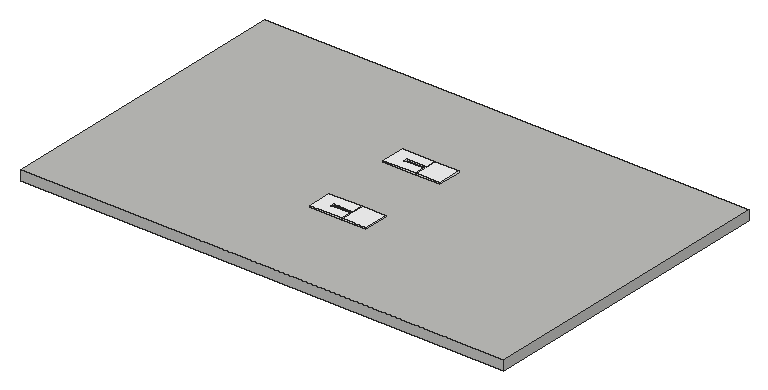
Revit family "Desk-Teknion-JNWDSN-Double_Sided_Rectangular-R2018", category Furniture, Revit 2018 (continued)
Dimensions and locks (in)
  aligned and locked: Extrusion 1 sketch curve to plane 5 "Right"
  aligned and locked: Extrusion 1 sketch curve to plane 7 "Front"
  aligned and locked: plane 8 "Top" to Extrusion 1
  aligned and locked: Extrusion 2 to plane 8 "Top"
  aligned and locked: Extrusion 4 to plane 8 "Top"
  aligned and locked: Extrusion 5 to plane 8 "Top"
  aligned and locked: Extrusion 3 to plane 8 "Top"
  aligned and locked: Extrusion 17 to plane 8 "Top"
  aligned and locked: Extrusion 14 to plane 8 "Top"
  aligned and locked: Extrusion 16 to plane 8 "Top"
  aligned and locked: Extrusion 20 to plane 10
  aligned and locked: Extrusion 21 to plane 10
  aligned and locked: Extrusion 18 to plane 10
  aligned and locked: Extrusion 19 to plane 10
  aligned and locked: Extrusion 24 to plane 10
  aligned and locked: Extrusion 25 to plane 10
  aligned and locked: Extrusion 22 to plane 10
  aligned and locked: Extrusion 23 to plane 10
  aligned and locked: Extrusion 26 to plane 9 "Void Cut Plane"
  aligned and locked: plane 11 to Extrusion 34
  aligned and locked: Extrusion 34 to plane 4 "Left"
  aligned and locked: plane 12 to Extrusion 35 sketch curve
  aligned and locked: Extrusion 35 sketch curve to plane 4 "Left"
  aligned and locked: plane 14 to Extrusion 36 sketch curve
  aligned and locked: Extrusion 36 sketch curve to plane 5 "Right"
  aligned and locked: Extrusion 38 sketch curve to plane 2
  aligned and locked: Extrusion 38 sketch curve to Extrusion 37
  aligned and locked: plane 2 to Extrusion 39 sketch curve
  aligned and locked: Extrusion 37 to Extrusion 39 sketch curve
  aligned and locked: plane 13 to Extrusion 38
  aligned and locked: plane 13 to Extrusion 39
  aligned and locked: Extrusion 39 to plane 5 "Right"
  aligned and locked: Extrusion 38 to plane 5 "Right"
  aligned and locked: plane 11 to Extrusion 40
  aligned and locked: plane 11 to Extrusion 41
  aligned and locked: Extrusion 41 to plane 4 "Left"
  aligned and locked: plane 4 "Left" to Extrusion 40
  aligned and locked: Extrusion 35 to plane 16
  aligned and locked: Extrusion 35 to plane 15
  aligned and locked: Extrusion 36 to plane 16
  aligned and locked: Extrusion 36 to plane 15
  aligned and locked: curve 1 to Extrusion 18
  aligned and locked: curve 2 to Extrusion 18
  aligned and locked: curve 3 to Extrusion 18
  aligned and locked: curve 4 to Extrusion 18
  aligned and locked: curve 5 to Extrusion 18
  aligned and locked: curve 6 to Extrusion 18
  aligned and locked: curve 7 to Extrusion 18
  aligned and locked: curve 8 to Extrusion 18
  aligned and locked: curve 9 to Extrusion 19
  aligned and locked: curve 10 to Extrusion 19
  aligned and locked: curve 11 to Extrusion 19
  aligned and locked: curve 12 to Extrusion 19
  aligned and locked: curve 13 to Extrusion 20
  aligned and locked: curve 14 to Extrusion 20
  aligned and locked: curve 15 to Extrusion 20
  aligned and locked: curve 16 to Extrusion 20
  aligned and locked: curve 17 to Extrusion 20
  aligned and locked: curve 18 to Extrusion 20
  aligned and locked: curve 19 to Extrusion 20
  aligned and locked: curve 20 to Extrusion 20
  aligned and locked: curve 21 to Extrusion 21
  aligned and locked: curve 22 to Extrusion 21
  aligned and locked: curve 23 to Extrusion 21
  aligned and locked: curve 24 to Extrusion 21
  aligned and locked: curve 25 to Extrusion 22
  aligned and locked: curve 26 to Extrusion 22
  aligned and locked: curve 27 to Extrusion 22
  aligned and locked: curve 28 to Extrusion 22
  aligned and locked: curve 29 to Extrusion 22
  aligned and locked: curve 30 to Extrusion 22
  aligned and locked: curve 31 to Extrusion 22
  aligned and locked: curve 32 to Extrusion 22
  aligned and locked: curve 33 to Extrusion 23
  aligned and locked: curve 34 to Extrusion 23
  aligned and locked: curve 35 to Extrusion 23
  aligned and locked: curve 36 to Extrusion 23
  aligned and locked: curve 37 to Extrusion 24
  aligned and locked: curve 38 to Extrusion 24
  aligned and locked: curve 39 to Extrusion 24
  aligned and locked: curve 40 to Extrusion 24
  aligned and locked: curve 41 to Extrusion 24
  aligned and locked: curve 42 to Extrusion 24
  aligned and locked: curve 43 to Extrusion 24
  aligned and locked: curve 44 to Extrusion 24
  aligned and locked: curve 45 to Extrusion 25
  aligned and locked: curve 46 to Extrusion 25
  aligned and locked: curve 47 to Extrusion 25
  aligned and locked: curve 48 to Extrusion 25
  aligned and locked: curve 49 to Extrusion 14
  aligned and locked: curve 50 to Extrusion 14
  aligned and locked: curve 51 to Extrusion 14
  aligned and locked: curve 52 to Extrusion 14
  aligned and locked: curve 53 to Extrusion 14
  aligned and locked: curve 54 to Extrusion 14
  aligned and locked: curve 55 to Extrusion 14
  aligned and locked: curve 56 to Extrusion 14
  aligned and locked: curve 57 to Extrusion 15
  aligned and locked: curve 58 to Extrusion 15
  aligned and locked: curve 59 to Extrusion 15
  aligned and locked: curve 60 to Extrusion 15
  aligned and locked: curve 61 to Extrusion 17
  aligned and locked: curve 62 to Extrusion 17
  aligned and locked: curve 63 to Extrusion 17
  aligned and locked: curve 64 to Extrusion 17
  aligned and locked: curve 65 to Extrusion 17
  aligned and locked: curve 66 to Extrusion 17
  aligned and locked: curve 67 to Extrusion 17
  aligned and locked: curve 68 to Extrusion 17
  aligned and locked: curve 69 to Extrusion 16
  aligned and locked: curve 70 to Extrusion 16
  aligned and locked: curve 71 to Extrusion 16
  aligned and locked: curve 72 to Extrusion 16
  aligned and locked: curve 73 to Extrusion 27
  aligned and locked: curve 74 to Extrusion 27
  aligned and locked: curve 75 to Extrusion 27
  aligned and locked: curve 76 to Extrusion 27
  aligned and locked: curve 77 to Extrusion 27
  aligned and locked: curve 78 to Extrusion 27
  aligned and locked: curve 79 to Extrusion 27
  aligned and locked: curve 80 to Extrusion 27
  aligned and locked: curve 81 to Extrusion 28
  aligned and locked: curve 82 to Extrusion 28
  aligned and locked: curve 83 to Extrusion 28
  aligned and locked: curve 84 to Extrusion 28
  aligned and locked: curve 85 to Extrusion 29
  aligned and locked: curve 86 to Extrusion 29
  aligned and locked: curve 87 to Extrusion 29
  aligned and locked: curve 88 to Extrusion 29
  aligned and locked: curve 89 to Extrusion 29
  aligned and locked: curve 90 to Extrusion 29
  aligned and locked: curve 91 to Extrusion 29
  aligned and locked: curve 92 to Extrusion 29
  aligned and locked: curve 93 to Extrusion 30
  aligned and locked: curve 94 to Extrusion 30
  aligned and locked: curve 95 to Extrusion 30
  aligned and locked: curve 96 to Extrusion 30
  aligned and locked: curve 97 to Extrusion 35
  aligned and locked: curve 98 to Extrusion 35
  aligned and locked: curve 99 to Extrusion 35
  aligned and locked: curve 100 to Extrusion 36
  aligned and locked: curve 101 to Extrusion 36
  aligned and locked: curve 102 to Extrusion 36
  aligned and locked: curve 103 to Extrusion 34
  aligned and locked: curve 104 to Extrusion 34
  aligned and locked: curve 105 to Extrusion 34
  aligned and locked: curve 106 to Extrusion 41
  aligned and locked: curve 107 to Extrusion 40
  aligned and locked: curve 108 to Extrusion 37
  aligned and locked: curve 109 to Extrusion 37
  aligned and locked: curve 110 to Extrusion 37
  aligned and locked: curve 111 to Extrusion 39
  aligned and locked: curve 112 to Extrusion 38
  aligned and locked: Masking region 1 sketch curve to cut or joined group of Extrusion 1, Extrusion 26, Extrusion 31, Extrusion 32, Extrusion 33  (x4)
  aligned and locked: curve 113 to Extrusion 7
  aligned and locked: curve 114 to Extrusion 7
  aligned and locked: curve 115 to Extrusion 7
  aligned and locked: curve 116 to Extrusion 7
  aligned and locked: curve 117 to Extrusion 6
  aligned and locked: curve 118 to Extrusion 6
  aligned and locked: curve 119 to Extrusion 6
  aligned and locked: curve 120 to Extrusion 6
  aligned and locked: curve 121 to Extrusion 6
  aligned and locked: curve 122 to Extrusion 6
  aligned and locked: curve 123 to Extrusion 9
  aligned and locked: curve 124 to Extrusion 9
  aligned and locked: curve 125 to Extrusion 9
  aligned and locked: curve 126 to Extrusion 9
  aligned and locked: curve 127 to Extrusion 8
  aligned and locked: curve 128 to Extrusion 8
  aligned and locked: curve 129 to Extrusion 8
  aligned and locked: curve 130 to Extrusion 8
  aligned and locked: curve 131 to Extrusion 8
  aligned and locked: curve 132 to Extrusion 8
  aligned and locked: curve 133 to Extrusion 11
  aligned and locked: curve 134 to Extrusion 11
  aligned and locked: curve 136 to Extrusion 11
  aligned and locked: curve 137 to Extrusion 10
  aligned and locked: curve 138 to Extrusion 10
  aligned and locked: curve 139 to Extrusion 10
  aligned and locked: curve 140 to Extrusion 10
  aligned and locked: curve 141 to Extrusion 10
  aligned and locked: curve 142 to Extrusion 10
  aligned and locked: curve 143 to Extrusion 12
  aligned and locked: curve 144 to Extrusion 13
  aligned and locked: curve 146 to Extrusion 13
  aligned and locked: curve 147 to Extrusion 13
  aligned and locked: curve 148 to Extrusion 12
  aligned and locked: curve 149 to Extrusion 12
  aligned and locked: curve 150 to Extrusion 12
  aligned and locked: curve 151 to Extrusion 12
  aligned and locked: curve 152 to Extrusion 12
  aligned and locked: curve 153 to Extrusion 3
  aligned and locked: curve 155 to Extrusion 3
  aligned and locked: curve 156 to Extrusion 3
  aligned and locked: curve 157 to Extrusion 2
  aligned and locked: curve 158 to Extrusion 2
  aligned and locked: curve 159 to Extrusion 2
  aligned and locked: curve 160 to Extrusion 2
  aligned and locked: curve 161 to Extrusion 2
  aligned and locked: curve 162 to Extrusion 2
  aligned and locked: curve 163 to Extrusion 4
  aligned and locked: curve 164 to Extrusion 4
  aligned and locked: curve 165 to Extrusion 4
  aligned and locked: curve 166 to Extrusion 4
  aligned and locked: curve 167 to Extrusion 4
  aligned and locked: curve 168 to Extrusion 4
  aligned and locked: curve 169 to Extrusion 5
  aligned and locked: curve 170 to Extrusion 5
  aligned and locked: curve 171 to Extrusion 5
  aligned and locked: curve 172 to Extrusion 5
  aligned and locked: plane 5 "Right" to Extrusion 39
  aligned and locked: plane 5 "Right" to Extrusion 38
  aligned and locked: Extrusion 38 to plane 13
  aligned and locked: Extrusion 39 to plane 13
  aligned and locked: plane 14 to Extrusion 36
  aligned and locked: Extrusion 36 to plane 5 "Right"
  aligned and locked: plane 13 to Extrusion 37
  aligned and locked: Extrusion 37 to plane 5 "Right"
  aligned and locked: curve 177 to Extrusion 31
  aligned and locked: curve 178 to Extrusion 31
  aligned and locked: curve 179 to Extrusion 31
  aligned and locked: curve 180 to Extrusion 31
  aligned and locked: curve 185 to Extrusion 33
  aligned and locked: curve 186 to Extrusion 33
  aligned and locked: curve 187 to Extrusion 33
  aligned and locked: curve 188 to Extrusion 33
  aligned and locked: curve 193 to Extrusion 32
  aligned and locked: curve 194 to Extrusion 32
  aligned and locked: curve 195 to Extrusion 32
  aligned and locked: curve 196 to Extrusion 32
  aligned and locked: curve 201 to Extrusion 26
  aligned and locked: curve 202 to Extrusion 26
  aligned and locked: curve 203 to Extrusion 26
  aligned and locked: curve 204 to Extrusion 26
  aligned and locked: curve 205 to plane 6 "Back"
  aligned and locked: curve 206 to plane 4 "Left"
  aligned and locked: curve 207 to plane 7 "Front"
  aligned and locked: curve 208 to plane 5 "Right"
Automatic sketch dimensions
  Extrusion 34 sketch curve to Extrusion 34 sketch curve = 0.87116"
  Extrusion 34 sketch curve to plane 15 = 5.62795"
  Extrusion 37 sketch curve to plane 15 = 0.000"
  Extrusion 37 sketch curve to Extrusion 37 sketch curve = 0.87116"
  Extrusion 37 sketch curve to plane 15 = 5.62795"
  Extrusion 40 sketch curve to level = 0.000"
  level to Extrusion 40 sketch curve = 1.000"
  Extrusion 41 sketch curve to level = 0.000"
  level to Extrusion 41 sketch curve = 1.000"
  curve 97 to plane 4 "Left" = 0.000"
  curve 107 to plane 4 "Left" = 0.000"
  curve 106 to plane 4 "Left" = 0.000"
  curve 99 to plane 4 "Left" = 0.000"
  curve 105 to plane 4 "Left" = 0.000"
  curve 104 to plane 4 "Left" = 0.000"
  curve 110 to plane 5 "Right" = 0.000"
  curve 102 to plane 5 "Right" = 0.000"
  curve 111 to plane 5 "Right" = 0.000"
  curve 112 to plane 5 "Right" = 0.000"
  curve 100 to plane 5 "Right" = 0.000"
  curve 109 to plane 5 "Right" = 0.000"
Types (4): name | Worksurface Finish | Note | Model | Has No Power/Data | Depth
  (no name) | Foundation Laminate - Teknion - XG - Very White | "Choose between Has Grommets - Both, Has Grommet - Center, Has Square Cut-Out – Offset Left/Grommet – Center, Has Square Cut-Out – Offset Right/Grommet – Center, Has Square Cut-Out – Justified/Grommet – Center or Has No Power/Data." | "JNWDSN36" | no | 36.000"
  36" Depth | Foundation Laminate - Teknion - XG - Very White | "Choose between Has Grommets - Both, Has Grommet - Center, Has Square Cut-Out – Offset Left/Grommet – Center, Has Square Cut-Out – Offset Right/Grommet – Center, Has Square Cut-Out – Justified/Grommet – Center or Has No Power/Data." | "JNWDSN36" | no | 36.000"
  48" Depth | Foundation Laminate - Teknion - LW - Storm White | "Choose one of the following below." | "JNWDSN48" | yes | 48.000"
  60" Depth | Foundation Laminate - Teknion - LW - Storm White | "Choose one of the following below." | "JNWDSN60" | yes | 60.000"
